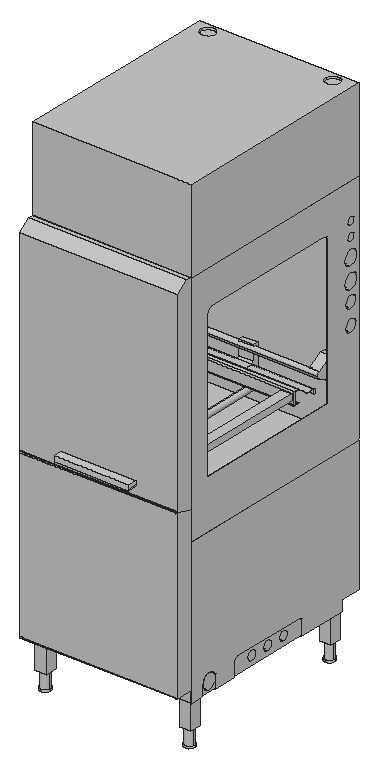
Revit family "QF_ELECTROLUXPROFESSIONAL_535130_NMPWDRE5M", category Specialty Equipment, Revit 2018
Family settings
  Round Connector Dimension = Use Diameter
  Part Type = Normal
  Work Plane-Based = No
  Always vertical = Yes
  Cut with Voids When Loaded = No
  Shared = No
  Room Calculation Point = No
Parameters (values of type "NMPWDRE5")
  Weight = 104.00 kg
  Watts = 0 W
  Volts = 0 V
  URL Manufacturer = ""
  URL = "http://professional.electrolux.com"
  Steam Supply Size = 0 mm
  Steam Supply Minimum Pressure = 0.0 Pa
  Steam Supply Maximum Pressure = 0.0 Pa
  Steam Pounds per Hour = 0
  Show Logo [instance] = yes
  Refrigeration Suction Line Size = 0 mm
  Refrigeration Liquid Line Size = 0 mm
  Refrigerant Compressor Remote = yes
  R_L [instance] = not(L_R)  # no
  Manufacturer = "Electrolux"
  Phase = 0
  Model = "ESR10E5"
  Length Actual = 560 mm  # constant formula
  Show Clearance [instance] = yes
  L_R [instance] = yes
  Item Number = ""
  Hot Water Size = 0 mm
  Height Actual = 1785 mm  # constant formula
  HP = "9.9 HP"
  Gas Size = 0 mm
  Gas KW = 0
  Gas Input Pressure = 0 W
  Direct Waste Size = 50 mm
  Description = "SINGLE RINSE RT, 100R/H, ELECTRIC 50HZ"
  Depth Actual = 825 mm  # constant formula
  DRAIN [instance] = if(L_R, 0 mm, 638 mm)  # 0 mm
  Cycle = 0 Hz
  Condensate Return Size = 0 mm
  Compressed Air Volume = 0.0 L/s
  Compressed Air Size = 0 mm
  Compressed Air Pressure = 0.0 Pa
  Cold Water Size = 0 mm
  Accessory = yes
Types (2, lengths in mm): name | Volts | URL Manufacturer | URL | Manufacturer | Phase | Model | Item Number | Hot Water Size | Description | Cycle | Cold Water Size
  NMPWDRE5 | 0 V | "" | "http://professional.electrolux.com" | "Electrolux" | 0 | "ESR10E5" | "" | 0 | "SINGLE RINSE RT, 100R/H, ELECTRIC 50HZ" | 0 Hz | 0
  Standard | 400 V | "http://professional.electrolux.com/" | "http://professional.electrolux.com/" | "Electrolux Professional" | 3 | "NMPWDRE5M" | "535130" | 19.05 | "MEDIUM PRE-WASH MODULE, DUAL RINSE RT, ELECTRIC, 400V/ 3/ 50Hz-MARINE" | 50 Hz | 19.05
Reference planes
  plane 1 "Center X": y = -16.742
  plane 2: z = 0
  plane 3 "1": x = -383.563
  plane 4 "2": x = 176.437
  plane 5 "BACK": y = 388.258
  plane 6 "FEET": z = 150
  plane 7: z = 2095
  plane 8 "BASE": z = 187
  plane 9 "TOP": z = 1785
  plane 10 "FRONT": y = -408.742
  plane 11: y = 311.258
  plane 12 "LEFT": x = -423.563
  plane 13 "RIGHT": x = 216.437
  plane 14 "DRAIN": x = -423.563
Forms (mm)
  Extrusion 1, solid, material "QF_Finishes_Stainless Steel"
    sketch origin (176.437, 479.936, 4000) x (0, 1, 0) y (0, 0, 1)
      loop
        line (-96.678, -2215) -> (-828.678, -2215) -> (-828.678, -2507) -> (-96.678, -2507) -> (-96.678, -2215)
    from -560 to 0
  Extrusion 2, solid, material "QF_Finishes_Stainless Steel"
    sketch origin (-383.563, 437.565, 4000) x (0, 1, 0) y (0, 0, 1)
      loop
        line (-54.307, -2507) -> (-786.307, -2507) -> (-786.307, -3850) -> (-126.307, -3850) -> (-126.307, -3812) -> (-54.307, -3812) -> (-54.307, -2507)
      loop
        line (-129.307, -2557) -> (-769.307, -2557) -> (-769.307, -3290) -> (-129.307, -3290) -> (-129.307, -2557)
    from 557 to 3
  Extrusion 3, solid, material "QF_Finishes_Stainless Steel"
    sketch origin (-383.563, 437.565, 4000) x (0, 1, 0) y (0, 0, 1)
      loop
        line (-59.307, -3342) -> (-781.307, -3342)
        arc (-781.307, -3342) -> (-784.843, -3343.464) -> (-786.307, -3347) r 5
        line (-786.307, -3347) -> (-786.307, -3850) -> (-741.307, -3850) -> (-741.307, -3813)
        arc (-741.307, -3813) -> (-711.307, -3783) -> (-681.307, -3813) r 30
        line (-681.307, -3813) -> (-681.307, -3850) -> (-602.807, -3850) -> (-602.807, -3803)
        arc (-602.807, -3803) -> (-598.414, -3792.393) -> (-587.807, -3788) r 15
        line (-587.807, -3788) -> (-317.807, -3788)
        arc (-317.807, -3788) -> (-307.201, -3792.393) -> (-302.807, -3803) r 15
        line (-302.807, -3803) -> (-302.807, -3850) -> (-126.307, -3850) -> (-126.307, -3812) -> (-54.307, -3812) -> (-54.307, -3347)
        arc (-54.307, -3347) -> (-55.772, -3343.464) -> (-59.307, -3342) r 5
    from 0 to 3
  Extrusion 4, solid, material "QF_Finishes_Stainless Steel"
    sketch origin (176.437, 479.936, 4000) x (0, 1, 0) y (0, 0, 1)
      loop
        line (-96.678, -2507) -> (-828.678, -2507) -> (-828.678, -3335)
        arc (-828.678, -3335) -> (-827.214, -3338.536) -> (-823.678, -3340) r 5
        line (-823.678, -3340) -> (-101.678, -3340)
        arc (-101.678, -3340) -> (-98.142, -3338.536) -> (-96.678, -3335) r 5
        line (-96.678, -3335) -> (-96.678, -2507)
      loop
        line (-248.879, -2635) -> (-744.477, -2635)
        arc (-744.477, -2635) -> (-756.64, -2640.038) -> (-761.678, -2652.201) r 17.201
        line (-761.678, -2652.201) -> (-761.678, -3167.258) -> (-231.678, -3167.258) -> (-231.678, -2652.201)
        arc (-231.678, -2652.201) -> (-236.716, -2640.038) -> (-248.879, -2635) r 17.201
    from -3 to 0
  Extrusion 5, solid, material "QF_Finishes_Stainless Steel"
    sketch origin (176.437, 479.936, 4000) x (0, 1, 0) y (0, 0, 1)
      loop
        line (-101.678, -3342) -> (-823.678, -3342)
        arc (-823.678, -3342) -> (-827.214, -3343.464) -> (-828.678, -3347) r 5
        line (-828.678, -3347) -> (-828.678, -3850) -> (-783.678, -3850) -> (-783.678, -3813)
        arc (-783.678, -3813) -> (-753.678, -3783) -> (-723.678, -3813) r 30
        line (-723.678, -3813) -> (-723.678, -3850) -> (-645.178, -3850) -> (-645.178, -3803)
        arc (-645.178, -3803) -> (-640.785, -3792.393) -> (-630.178, -3788) r 15
        line (-630.178, -3788) -> (-360.178, -3788)
        arc (-360.178, -3788) -> (-349.571, -3792.393) -> (-345.178, -3803) r 15
        line (-345.178, -3803) -> (-345.178, -3850) -> (-168.678, -3850) -> (-168.678, -3812) -> (-96.678, -3812) -> (-96.678, -3347)
        arc (-96.678, -3347) -> (-98.142, -3343.464) -> (-101.678, -3342) r 5
    from -3 to 0
  Extrusion 6, void
    sketch origin (0, 0, 1785) x (1, 0, 0) y (0, -1, 0)
      loop
        circle (-323.563, -347.258) r 25
    from 0 to 5
  Extrusion 7, solid, material "QF_Finishes_Stainless Steel"
    sketch origin (-383.563, 437.565, 4000) x (0, 1, 0) y (0, 0, 1)
      loop
        circle (-89.376, -2635.001) r 12
      loop
        circle (-89.376, -2685.001) r 12
      loop
        circle (-89.376, -2750.001) r 25
      loop
        circle (-89.376, -2825.001) r 25
      loop
        circle (-89.376, -2890.001) r 20
      loop
        circle (-89.376, -2965.001) r 20
    from 0 to 3
  Extrusion 8, void
    sketch origin (-383.563, 437.565, 4000) x (0, 1, 0) y (0, 0, 1)
      loop
        circle (-89.376, -2635.001) r 14
      loop
        circle (-89.376, -2685.001) r 14
      loop
        circle (-89.376, -2750.001) r 27
      loop
        circle (-89.376, -2825.001) r 27
      loop
        circle (-89.376, -2890.001) r 22
      loop
        circle (-89.376, -2965.001) r 22
    from 0 to 3
  Extrusion 9, solid, material "QF_Finishes_Stainless Steel"
    sketch origin (-383.563, 437.565, 4000) x (0, 1, 0) y (0, 0, 1)
      loop
        circle (-454.307, -3813) r 15
      loop
        circle (-524.307, -3813) r 15
      loop
        circle (-384.307, -3813) r 15
    from 0 to 3
  Extrusion 10, solid, material "QF_Finishes_Stainless Steel"
    sketch origin (-383.563, 437.565, 4000) x (0, 1, 0) y (0, 0, 1)
      loop
        circle (-711.307, -3813) r 25
    from 0 to 3
  Extrusion 11, solid, material "QF_Finishes_Stainless Steel"
    sketch origin (176.437, 479.936, 4000) x (0, 1, 0) y (0, 0, 1)
      loop
        circle (-496.678, -3813) r 15
      loop
        circle (-566.678, -3813) r 15
      loop
        circle (-426.678, -3813) r 15
    from 0 to -3
  Extrusion 12, solid, material "QF_Finishes_Stainless Steel"
    sketch origin (176.437, 479.936, 4000) x (0, 1, 0) y (0, 0, 1)
      loop
        circle (-753.678, -3813) r 25
    from 0 to -3
  Extrusion 13, solid, material "QF_Finishes_Stainless Steel"
    sketch origin (-383.563, 437.565, 4000) x (0, 1, 0) y (0, 0, 1)
      loop
        line (-54.307, -2507) -> (-786.307, -2507) -> (-786.307, -3335)
        arc (-786.307, -3335) -> (-784.843, -3338.536) -> (-781.307, -3340) r 5
        line (-781.307, -3340) -> (-59.307, -3340)
        arc (-59.307, -3340) -> (-55.772, -3338.536) -> (-54.307, -3335) r 5
        line (-54.307, -3335) -> (-54.307, -2507)
      loop
        line (-206.509, -2635) -> (-702.106, -2635)
        arc (-702.106, -2635) -> (-714.269, -2640.038) -> (-719.307, -2652.201) r 17.201
        line (-719.307, -2652.201) -> (-719.307, -3167.258) -> (-189.307, -3167.258) -> (-189.307, -2652.201)
        arc (-189.307, -2652.201) -> (-194.345, -2640.038) -> (-206.509, -2635) r 17.201
    from 3 to 0
  Extrusion 14, void
    sketch origin (176.437, 479.936, 4000) x (0, -1, 0) y (0, 0, 1)
      loop
        circle (131.746, -2635.001) r 14
      loop
        circle (131.746, -2685.001) r 14
      loop
        circle (131.746, -2750.001) r 27
      loop
        circle (131.746, -2825.001) r 27
      loop
        circle (131.746, -2890.001) r 22
      loop
        circle (131.746, -2965.001) r 22
    from 0 to 2
  Extrusion 15, solid, material "QF_Finishes_Stainless Steel"
    sketch origin (176.437, 479.936, 4000) x (0, 1, 0) y (0, 0, 1)
      loop
        circle (-131.746, -2635.001) r 12
      loop
        circle (-131.746, -2685.001) r 12
      loop
        circle (-131.746, -2750.001) r 25
      loop
        circle (-131.746, -2825.001) r 25
      loop
        circle (-131.746, -2890.001) r 20
      loop
        circle (-131.746, -2965.001) r 20
    from 0 to -2
  Extrusion 16, solid, material "QF_Finishes_Stainless Steel", visible <- "L_R"
    sketch origin (-383.563, 437.565, 4000) x (0, 1, 0) y (0, 0, 1)
      loop
        circle (-711.307, -3813) r 25
    from 0 to -38
  Extrusion 17, solid, material "QF_Finishes_Stainless Steel", visible <- "R_L"
    sketch origin (176.437, 479.936, 4000) x (0, 1, 0) y (0, 0, 1)
      loop
        circle (-753.678, -3813) r 25
    from 0 to 38
  Extrusion 18, solid, material "QF_Finishes_Stainless Steel"
    sketch origin (-423.563, 0, 0) x (0, 1, 0) y (0, 0, 1)
      loop
        circle (-273.742, 187) r 25
    from 0 to 2
  Extrusion 19, void
    sketch origin (0, 0, 1785) x (1, 0, 0) y (0, -1, 0)
      loop
        circle (114.437, -347.258) r 25
    from 0 to 5
  Extrusion 20, solid, material "QF_Clearance", detail levels coarse
    sketch origin (556.437, -74.242, 0) x (1, 0, 0) y (0, 1, 0)
      loop
        line (-940, 462.5) -> (-380, 462.5) -> (-380, 512.5) -> (-940, 512.5) -> (-940, 462.5)
    from -100 to 1785
Cuts and joins
  Extrusion 6, Extrusion 19 cuts Extrusion 1
  Extrusion 6, Extrusion 14, Extrusion 19 cuts Extrusion 2
  Extrusion 8, Extrusion 14 cuts Extrusion 13
  Extrusion 14 cuts Extrusion 7
  Extrusion 14 cuts Extrusion 4
Lines and regions (mm)
  symbolic lines
    curve 1: line (-383.563, 383.258, 0) -> (176.437, 383.258, 0)
    curve 2: line (-383.563, -348.742, 0) -> (-383.563, 383.258, 0)
    curve 3: line (176.437, -348.742, 0) -> (-383.563, -348.742, 0)
    curve 4: line (176.437, 383.258, 0) -> (176.437, -348.742, 0)
    curve 7: circle (-323.563, 347.258, 0) r 25 normal (0, 0, 1)
    curve 8: line (-383.563, 383.258, 0) -> (176.437, -348.742, 0)
    curve 15: line (-383.563, -16.742, 0) -> (-358.563, -16.742, 0)
    curve 16: line (176.437, -16.742, 0) -> (151.437, -16.742, 0)
    curve 17: circle (114.437, 347.258, 0) r 25 normal (0, 0, -1)
  symbolic lines, style "SpecialityEquipment"
    curve 5: line (176.437, -281.742, 0) -> (-383.563, -281.742, 0)
    curve 6: line (-383.563, 308.258, 0) -> (176.437, 308.258, 0)
  symbolic lines, style "SpecialityEquipmentHiddenLines", visible <- "L_R"
    curve 9: line (-423.563, -248.742, 0) -> (-423.563, -298.742, 0)
    curve 10: line (-423.563, -248.742, 0) -> (-383.563, -248.742, 0)
    curve 11: line (-423.563, -298.742, 0) -> (-383.563, -298.742, 0)
  symbolic lines, style "SpecialityEquipmentHiddenLines", visible <- "R_L"
    curve 12: line (216.437, -298.742, 0) -> (216.437, -248.742, 0)
    curve 13: line (216.437, -248.742, 0) -> (176.437, -248.742, 0)
    curve 14: line (216.437, -298.742, 0) -> (176.437, -298.742, 0)
  symbolic lines, style "QF_Clearances"
    curve 18: line (-383.563, 438.258, 0) -> (176.437, 438.258, 0)
Dimensions and locks
  plane 3 "1" to plane 4 "2" = 560 mm
  plane 5 "BACK" to plane 1 "Center X" to plane 10 "FRONT" = 405 mm, 392 mm
  plane 6 "FEET" to level = 150 mm
  Extrusion 3 to plane 3 "1" = 3 mm
  plane 4 "2" to Extrusion 5 = 3 mm
  plane 6 "FEET" to plane 9 "TOP" = 1635 mm
  plane 5 "BACK" to plane 10 "FRONT" = 797 mm  (x2)
  plane 3 "1" to Extrusion 6 sketch curve = 60 mm
  plane 5 "BACK" to Extrusion 6 sketch curve = 41 mm
  plane 4 "2" to plane 3 "1" = 560 mm
  nested 1 to nested 4 to nested 4 to nested 4 = 732 mm, 60 mm, 30 mm
  "DRAIN": plane 12 "LEFT" to plane 14 "DRAIN"
  aligned and locked: level to plane 2
Automatic sketch dimensions
  plane 9 "TOP" to Extrusion 1 sketch curve = 0 mm
  plane 10 "FRONT" to Extrusion 1 sketch curve = 60 mm
  Extrusion 1 sketch curve to plane 5 "BACK" = 5 mm
  Extrusion 1 sketch curve to Extrusion 1 sketch curve = 292 mm
  Extrusion 2 sketch curve to plane 6 "FEET" = 0 mm
  Extrusion 2 sketch curve to plane 11 = 0 mm
  plane 11 to Extrusion 2 sketch curve = 3 mm
  plane 10 "FRONT" to Extrusion 2 sketch curve = 77 mm
  Extrusion 2 sketch curve to Extrusion 2 sketch curve = 17 mm
  plane 8 "BASE" to Extrusion 2 sketch curve = 1 mm
  Extrusion 2 sketch curve to plane 5 "BACK" = 5 mm
  Extrusion 2 sketch curve to Extrusion 2 sketch curve = 522 mm
  plane 9 "TOP" to Extrusion 2 sketch curve = 342 mm
  Extrusion 2 sketch curve to Extrusion 2 sketch curve = 50 mm
  Extrusion 3 sketch curve to plane 6 "FEET" = 0 mm  (x3)
  Extrusion 3 sketch curve to plane 8 "BASE" = 0 mm
  Extrusion 3 sketch curve to plane 11 = 0 mm
  plane 8 "BASE" to Extrusion 3 sketch curve = 10 mm  (x2)
  Extrusion 3 sketch curve to plane 1 "Center X" = 151.5 mm
  Extrusion 3 sketch curve to Extrusion 3 sketch curve = 15 mm
  plane 1 "Center X" to Extrusion 3 sketch curve = 133.5 mm
  Extrusion 3 sketch curve to Extrusion 3 sketch curve = 78.5 mm
  Extrusion 3 sketch curve to Extrusion 3 sketch curve = 30 mm
  plane 10 "FRONT" to Extrusion 3 sketch curve = 65 mm
  Extrusion 3 sketch curve to Extrusion 3 sketch curve = 5 mm
  Extrusion 3 sketch curve to plane 5 "BACK" = 10 mm
  Extrusion 3 sketch curve to plane 5 "BACK" = 5 mm
  plane 8 "BASE" to Extrusion 3 sketch curve = 1 mm
  Extrusion 3 sketch curve to Extrusion 3 sketch curve = 465 mm
  plane 10 "FRONT" to Extrusion 4 sketch curve = 60 mm
  Extrusion 4 sketch curve to Extrusion 4 sketch curve = 5 mm
  plane 10 "FRONT" to Extrusion 4 sketch curve = 127 mm
  Extrusion 4 sketch curve to Extrusion 4 sketch curve = 17.201 mm  (x2)
  plane 11 to Extrusion 4 sketch curve = 80.201 mm
  plane 11 to Extrusion 4 sketch curve = 63 mm
  Extrusion 4 sketch curve to plane 5 "BACK" = 10 mm
  Extrusion 4 sketch curve to plane 5 "BACK" = 5 mm
  plane 8 "BASE" to Extrusion 4 sketch curve = 473 mm
  Extrusion 4 sketch curve to Extrusion 4 sketch curve = 167.742 mm
  plane 9 "TOP" to Extrusion 4 sketch curve = 437.201 mm
  Extrusion 4 sketch curve to Extrusion 4 sketch curve = 0 mm
  Extrusion 4 sketch curve to Extrusion 4 sketch curve = 145.201 mm
  Extrusion 5 sketch curve to plane 6 "FEET" = 0 mm  (x3)
  Extrusion 5 sketch curve to plane 8 "BASE" = 0 mm
  Extrusion 5 sketch curve to plane 11 = 0 mm
  plane 8 "BASE" to Extrusion 5 sketch curve = 10 mm  (x2)
  Extrusion 5 sketch curve to plane 1 "Center X" = 151.5 mm
  Extrusion 5 sketch curve to Extrusion 5 sketch curve = 15 mm
  plane 1 "Center X" to Extrusion 5 sketch curve = 133.5 mm
  Extrusion 5 sketch curve to Extrusion 5 sketch curve = 78.5 mm
  Extrusion 5 sketch curve to Extrusion 5 sketch curve = 30 mm
  plane 10 "FRONT" to Extrusion 5 sketch curve = 65 mm
  Extrusion 5 sketch curve to Extrusion 5 sketch curve = 5 mm
  Extrusion 5 sketch curve to plane 5 "BACK" = 10 mm
  Extrusion 5 sketch curve to plane 5 "BACK" = 5 mm
  plane 8 "BASE" to Extrusion 5 sketch curve = 1 mm
  Extrusion 5 sketch curve to Extrusion 5 sketch curve = 465 mm
  Extrusion 7 sketch curve to plane 11 = 36.932 mm  (x6)
  plane 9 "TOP" to Extrusion 7 sketch curve = 750.001 mm
  Extrusion 7 sketch curve to Extrusion 7 sketch curve = 75 mm  (x2)
  Extrusion 7 sketch curve to Extrusion 7 sketch curve = 65 mm  (x2)
  Extrusion 7 sketch curve to Extrusion 7 sketch curve = 50 mm
  Extrusion 8 sketch curve to plane 11 = 36.932 mm  (x6)
  plane 9 "TOP" to Extrusion 8 sketch curve = 750.001 mm
  Extrusion 8 sketch curve to Extrusion 8 sketch curve = 75 mm  (x2)
  Extrusion 8 sketch curve to Extrusion 8 sketch curve = 65 mm  (x2)
  Extrusion 8 sketch curve to Extrusion 8 sketch curve = 50 mm
  Extrusion 9 sketch curve to plane 8 "BASE" = 0 mm  (x3)
  Extrusion 9 sketch curve to plane 1 "Center X" = 0 mm
  Extrusion 9 sketch curve to Extrusion 9 sketch curve = 70 mm
  Extrusion 9 sketch curve to plane 1 "Center X" = 70 mm
  Extrusion 10 sketch curve to plane 8 "BASE" = 0 mm
  plane 10 "FRONT" to Extrusion 10 sketch curve = 135 mm
  Extrusion 11 sketch curve to plane 8 "BASE" = 0 mm  (x3)
  Extrusion 11 sketch curve to plane 1 "Center X" = 0 mm
  Extrusion 11 sketch curve to Extrusion 11 sketch curve = 70 mm
  Extrusion 11 sketch curve to plane 1 "Center X" = 70 mm
  Extrusion 12 sketch curve to plane 8 "BASE" = 0 mm
  plane 10 "FRONT" to Extrusion 12 sketch curve = 135 mm
  plane 10 "FRONT" to Extrusion 13 sketch curve = 60 mm
  Extrusion 13 sketch curve to Extrusion 13 sketch curve = 5 mm
  plane 10 "FRONT" to Extrusion 13 sketch curve = 127 mm
  Extrusion 13 sketch curve to Extrusion 13 sketch curve = 17.201 mm  (x2)
  plane 11 to Extrusion 13 sketch curve = 80.201 mm
  plane 11 to Extrusion 13 sketch curve = 63 mm
  Extrusion 13 sketch curve to plane 5 "BACK" = 10 mm
  Extrusion 13 sketch curve to plane 5 "BACK" = 5 mm
  plane 8 "BASE" to Extrusion 13 sketch curve = 473 mm
  Extrusion 13 sketch curve to Extrusion 13 sketch curve = 167.742 mm
  plane 9 "TOP" to Extrusion 13 sketch curve = 437.201 mm
  Extrusion 13 sketch curve to Extrusion 13 sketch curve = 0 mm
  Extrusion 13 sketch curve to Extrusion 13 sketch curve = 145.201 mm
  Extrusion 14 sketch curve to plane 11 = 36.932 mm  (x6)
  plane 9 "TOP" to Extrusion 14 sketch curve = 750.001 mm
  Extrusion 14 sketch curve to Extrusion 14 sketch curve = 75 mm  (x2)
  Extrusion 14 sketch curve to Extrusion 14 sketch curve = 65 mm  (x2)
  Extrusion 14 sketch curve to Extrusion 14 sketch curve = 50 mm
  Extrusion 15 sketch curve to plane 11 = 36.932 mm  (x6)
  plane 9 "TOP" to Extrusion 15 sketch curve = 750.001 mm
  Extrusion 15 sketch curve to Extrusion 15 sketch curve = 75 mm  (x2)
  Extrusion 15 sketch curve to Extrusion 15 sketch curve = 65 mm  (x2)
  Extrusion 15 sketch curve to Extrusion 15 sketch curve = 50 mm
  Extrusion 16 sketch curve to plane 8 "BASE" = 0 mm
  plane 10 "FRONT" to Extrusion 16 sketch curve = 135 mm
  Extrusion 17 sketch curve to plane 8 "BASE" = 0 mm
  plane 10 "FRONT" to Extrusion 17 sketch curve = 135 mm
  Extrusion 18 sketch curve to plane 8 "BASE" = 0 mm
  plane 10 "FRONT" to Extrusion 18 sketch curve = 135 mm
  Extrusion 19 sketch curve to plane 4 "2" = 62 mm
  Extrusion 19 sketch curve to plane 11 = 36 mm
  Extrusion 20 sketch curve to plane 3 "1" = 0 mm
  plane 5 "BACK" to Extrusion 20 sketch curve = 50 mm
  Extrusion 20 sketch curve to plane 13 "RIGHT" = 40 mm
  plane 5 "BACK" to Extrusion 20 sketch curve = 0 mm
  curve 10 to plane 12 "LEFT" = 0 mm
  curve 15 to plane 3 "1" = 0 mm
  curve 18 to plane 3 "1" = 0 mm
  plane 1 "Center X" to curve 16 = 0 mm
  curve 4 to plane 4 "2" = 0 mm
  curve 18 to plane 4 "2" = 0 mm
  curve 12 to plane 13 "RIGHT" = 0 mm
  plane 3 "1" to curve 7 = 60 mm
  curve 17 to plane 4 "2" = 62 mm
  plane 10 "FRONT" to curve 12 = 160 mm
  plane 10 "FRONT" to curve 10 = 160 mm
  curve 12 to curve 12 = 50 mm
  curve 11 to curve 9 = 50 mm
  curve 4 to curve 14 = 50 mm
  curve 17 to plane 11 = 36 mm
  curve 7 to plane 11 = 36 mm
  curve 4 to plane 5 "BACK" = 5 mm
  curve 15 to plane 1 "Center X" = 0 mm
  curve 15 to curve 15 = 25 mm
  curve 16 to curve 16 = 25 mm
  curve 11 to curve 5 = 17 mm
  plane 11 to curve 6 = 3 mm
  plane 5 "BACK" to curve 18 = 50 mm
  radius of Extrusion 7 sketch curve = 12 mm  (x2)
  radius of Extrusion 7 sketch curve = 25 mm  (x2)
  radius of Extrusion 7 sketch curve = 20 mm  (x2)
  radius of Extrusion 8 sketch curve = 14 mm  (x2)
  radius of Extrusion 8 sketch curve = 27 mm  (x2)
  radius of Extrusion 8 sketch curve = 22 mm  (x2)
  radius of Extrusion 9 sketch curve = 15 mm  (x3)
  radius of Extrusion 10 sketch curve = 25 mm
  radius of Extrusion 11 sketch curve = 15 mm  (x3)
  radius of Extrusion 12 sketch curve = 25 mm
  radius of Extrusion 14 sketch curve = 14 mm  (x2)
  radius of Extrusion 14 sketch curve = 27 mm  (x2)
  radius of Extrusion 14 sketch curve = 22 mm  (x2)
  radius of Extrusion 15 sketch curve = 12 mm  (x2)
  radius of Extrusion 15 sketch curve = 25 mm  (x2)
  radius of Extrusion 15 sketch curve = 20 mm  (x2)
  radius of Extrusion 16 sketch curve = 25 mm
  radius of Extrusion 17 sketch curve = 25 mm
  radius of Extrusion 18 sketch curve = 25 mm
  radius of Extrusion 6 sketch curve = 25 mm
  radius of Extrusion 19 sketch curve = 25 mm
  radius of curve 7 = 25 mm
  radius of curve 17 = 25 mm
Nested families
  nested 1: "Basket_Guide+Wash_Arm_22''" at (-513, 0, 0), type "Basket_Guide+Wash_Arm_22''"
  nested 2: "Foot_40x40_H150" at (-357.563, -326.742, 0) x (-1, 0, 0) z (0, 0, 1), type "Foot_40x40_H150"
  nested 3: "Foot_40x40_H150" at (-357.563, 289.258, 0) x (-1, 0, 0) z (0, 0, 1), type "Foot_40x40_H150"
  nested 4: "Door_22''" at (-454, 0, 0), Show Clearance <- "Show Clearance", type "Door_22''"
  nested 5: "Foot_40x40_H150" at (150.437, -326.742, 0), type "Foot_40x40_H150"
  nested 6: "Foot_40x40_H150" at (150.437, 289.258, 0), type "Foot_40x40_H150"
Connectors
  piping at (-423.563, -273.742, 187), diameter 50
    settings: on Extrusion 18, index 1, connector inside diameter 609.6 mm, connector length 0 mm, flow factor 0, pipe flow 0.0 L/s, pressure drop 0.0 Pa, fitting loss kfactor 0, connector angle 0.00°, fixture units 0, engagement length 0 mm, angle of deflection 0.00°, flow configuration 0, flow direction 2, fitting loss method 0, system type 16, joint type 0, gender type 0, connector reference index -1, connector utility 0, adjustable connector no, is connector primary yes, connector description "DRAIN"
Definition of nested family "Basket_Guide+Wash_Arm_22''"
  Reference planes
    plane 1: z = 0
    plane 2 "Center Y": x = 409.437
    plane 3 "LEFT": x = 130.437
    plane 4 "BACK": y = 383.258
    plane 5 "FRONT": y = -408.742
    plane 6: z = 150
    plane 7 "TOP": z = 1785
    plane 8: z = 875
    plane 9 "RIGHT": x = 688.437
  Forms (mm)
    Extrusion 1, solid
      sketch origin (243.437, -18.984, 0) x (0, -1, 0) y (0, 0, 1)
        loop
          line (264.703, 929.245) -> (264.703, 907.554) -> (312.758, 879.81) -> (312.758, 956.99) -> (264.703, 929.245)
        loop
          line (-259.187, 929.245) -> (-307.242, 956.99) -> (-327.242, 956.99) -> (-327.242, 879.81) -> (-307.242, 879.81) -> (-259.187, 907.554) -> (-259.187, 929.245)
      from -424 to -388
    Extrusion 2, solid
      sketch origin (293.437, -18.984, 0) x (0, -1, 0) y (0, 0, 1)
        loop
          circle (264.703, 918.4) r 10
        loop
          circle (-259.187, 918.4) r 10
      from -374 to 142
    Extrusion 3, solid
      sketch origin (293.437, -18.984, 0) x (0, -1, 0) y (0, 0, 1)
        loop
          line (-252.564, 858) -> (-252.564, 870.68)
          arc (-252.564, 870.68) -> (-251.884, 872.32) -> (-250.244, 873) r 2.32
          line (-250.244, 873) -> (-222.564, 873) -> (-222.564, 875) -> (-250.244, 875)
          arc (-250.244, 875) -> (-253.299, 873.735) -> (-254.564, 870.68) r 4.32
          line (-254.564, 870.68) -> (-254.564, 858) -> (-252.564, 858)
        loop
          line (258.08, 858) -> (260.08, 858) -> (260.08, 870.68)
          arc (260.08, 870.68) -> (258.815, 873.735) -> (255.76, 875) r 4.32
          line (255.76, 875) -> (228.08, 875) -> (228.08, 873) -> (255.76, 873)
          arc (255.76, 873) -> (257.401, 872.32) -> (258.08, 870.68) r 2.32
          line (258.08, 870.68) -> (258.08, 858)
      from -360 to 128
    Extrusion 4, solid
      sketch origin (293.437, -18.984, 0) x (0, -1, 0) y (0, 0, 1)
        loop
          arc (-216.187, 825.32) -> (-216.866, 823.679) -> (-218.507, 823) r 2.32
          line (-218.507, 823) -> (-236.187, 823) -> (-236.187, 821) -> (-218.507, 821)
          arc (-218.507, 821) -> (-215.452, 822.265) -> (-214.187, 825.32) r 4.32
          line (-214.187, 825.32) -> (-214.187, 861.68)
          arc (-214.187, 861.68) -> (-215.452, 864.735) -> (-218.507, 866) r 4.32
          line (-218.507, 866) -> (-236.187, 866) -> (-236.187, 864) -> (-218.507, 864)
          arc (-218.507, 864) -> (-216.866, 863.32) -> (-216.187, 861.68) r 2.32
          line (-216.187, 861.68) -> (-216.187, 825.32)
        loop
          line (221.703, 825.32) -> (221.703, 861.68)
          arc (221.703, 861.68) -> (222.383, 863.32) -> (224.023, 864) r 2.32
          line (224.023, 864) -> (241.703, 864) -> (241.703, 866) -> (224.023, 866)
          arc (224.023, 866) -> (220.969, 864.735) -> (219.703, 861.68) r 4.32
          line (219.703, 861.68) -> (219.703, 825.32)
          arc (219.703, 825.32) -> (220.969, 822.265) -> (224.023, 821) r 4.32
          line (224.023, 821) -> (241.703, 821) -> (241.703, 823) -> (224.023, 823)
          arc (224.023, 823) -> (222.383, 823.679) -> (221.703, 825.32) r 2.32
      from -320 to 88
    Extrusion 5, solid
      sketch origin (575.437, -18.984, 0) x (0, -1, 0) y (0, 0, 1)
        loop
          line (264.703, 929.245) -> (264.703, 907.554) -> (312.758, 879.81) -> (312.758, 956.99) -> (264.703, 929.245)
        loop
          line (-259.187, 929.245) -> (-307.242, 956.99) -> (-327.242, 956.99) -> (-327.242, 879.81) -> (-307.242, 879.81) -> (-259.187, 907.554) -> (-259.187, 929.245)
      from 424 to 388
    Extrusion 6, solid
      sketch origin (243.437, -18.984, 0) x (0, -1, 0) y (0, 0, 1)
        loop
          line (219.703, 858) -> (-214.187, 858) -> (-214.187, 836) -> (219.703, 836) -> (219.703, 858)
      from -360 to -325
    Extrusion 7, solid
      sketch origin (575.437, -18.984, 0) x (0, -1, 0) y (0, 0, 1)
        loop
          line (219.703, 858) -> (-214.187, 858) -> (-214.187, 836) -> (219.703, 836) -> (219.703, 858)
      from 360 to 325
    Extrusion 8, solid
      sketch origin (409.437, 308.258, 1443) x (0, 0, 1) y (-1, 0, 0)
        loop
          line (-650.516, 7.5) -> (-663.507, 15) -> (-676.497, 7.5) -> (-676.497, -7.5) -> (-663.507, -15) -> (-650.516, -7.5) -> (-650.516, 7.5)
        loop
          line (-22.01, 7.5) -> (-35, 15) -> (-47.99, 7.5) -> (-47.99, -7.5) -> (-35, -15) -> (-22.01, -7.5) -> (-22.01, 7.5)
      from 0 to 30
    Extrusion 9, solid
      sketch origin (409.437, 278.258, 1443) x (0, 0, 1) y (-1, 0, 0)
        loop
          circle (-663.507, 0) r 10
        loop
          circle (-35, 0) r 10
      from 0 to 537.443
    Extrusion 10, solid
      sketch origin (409.437, -38.984, 0) x (0, -1, 0) y (0, 0, 1)
        loop
          line (244.703, 880.8) -> (236.703, 872.8) -> (221.703, 872.8) -> (221.703, 855.89) -> (201.703, 855.89) -> (201.703, 833.698) -> (238.1, 833.698) -> (209.284, 804.882) -> (200.502, 763.596) -> (201.48, 763.388) -> (210.201, 804.385) -> (262.124, 856.308) -> (262.124, 933.4) -> (244.703, 933.4) -> (244.703, 880.8)
        loop
          line (-279.187, 880.8) -> (-279.187, 933.4) -> (-296.608, 933.4) -> (-296.608, 856.308) -> (-273.998, 833.698) -> (-236.187, 833.698) -> (-236.187, 855.89) -> (-256.187, 855.89) -> (-256.187, 872.8) -> (-271.187, 872.8) -> (-279.187, 880.8)
        loop
          line (220.202, 1443) -> (218.202, 1443) -> (218.202, 1420.7) -> (195.852, 1381.988) -> (197.584, 1380.988) -> (220.202, 1420.164) -> (220.202, 1443)
      from -25 to 25
  Cuts and joins
    joined: Extrusion 1, Extrusion 2, Extrusion 3, Extrusion 4, Extrusion 5, Extrusion 6, Extrusion 7, Extrusion 8, Extrusion 9, Extrusion 10
  Dimensions and locks
    plane 3 "LEFT" to plane 9 "RIGHT" = 558 mm
    equal spacing: plane 3 "LEFT", plane 2 "Center Y", plane 9 "RIGHT", locked at 279 each
    plane 7 "TOP" to plane 6 to level = 1635 mm, 150 mm
    plane 4 "BACK" to plane 5 "FRONT" = 792 mm
    aligned and locked: level to plane 1
  Automatic sketch dimensions
    plane 8 to Extrusion 1 sketch curve = 4.81 mm  (x2)
    Extrusion 1 sketch curve to plane 4 "BACK" = 75 mm
    Extrusion 1 sketch curve to Extrusion 1 sketch curve = 20 mm  (x2)
    Extrusion 1 sketch curve to Extrusion 1 sketch curve = 48.055 mm  (x2)
    plane 8 to Extrusion 1 sketch curve = 32.554 mm  (x2)
    plane 5 "FRONT" to Extrusion 1 sketch curve = 125.055 mm
    Extrusion 1 sketch curve to Extrusion 1 sketch curve = 21.691 mm  (x2)
    Extrusion 1 sketch curve to Extrusion 1 sketch curve = 27.745 mm  (x2)
    plane 8 to Extrusion 2 sketch curve = 43.4 mm  (x2)
    Extrusion 2 sketch curve to plane 4 "BACK" = 143.055 mm
    plane 5 "FRONT" to Extrusion 2 sketch curve = 125.055 mm
    Extrusion 3 sketch curve to Extrusion 3 sketch curve = 0 mm  (x4)
    Extrusion 3 sketch curve to plane 8 = 0 mm  (x2)
    Extrusion 3 sketch curve to plane 8 = 4.32 mm  (x2)
    Extrusion 3 sketch curve to plane 4 "BACK" = 147.678 mm
    Extrusion 3 sketch curve to Extrusion 3 sketch curve = 2 mm  (x2)
    Extrusion 3 sketch curve to Extrusion 3 sketch curve = 27.68 mm  (x2)
    plane 5 "FRONT" to Extrusion 3 sketch curve = 161.678 mm
    Extrusion 3 sketch curve to Extrusion 3 sketch curve = 12.68 mm  (x2)
    Extrusion 4 sketch curve to Extrusion 4 sketch curve = 0 mm  (x9)
    Extrusion 4 sketch curve to plane 8 = 9 mm
    Extrusion 4 sketch curve to plane 4 "BACK" = 166.055 mm
    Extrusion 4 sketch curve to Extrusion 4 sketch curve = 17.68 mm  (x4)
    Extrusion 4 sketch curve to Extrusion 4 sketch curve = 2.32 mm  (x3)
    Extrusion 4 sketch curve to Extrusion 4 sketch curve = 2 mm  (x2)
    Extrusion 4 sketch curve to plane 8 = 49.68 mm
    plane 5 "FRONT" to Extrusion 4 sketch curve = 170.055 mm
    Extrusion 4 sketch curve to Extrusion 4 sketch curve = 43 mm
    Extrusion 4 sketch curve to plane 8 = 13.32 mm
    plane 8 to Extrusion 5 sketch curve = 4.81 mm  (x2)
    Extrusion 5 sketch curve to plane 4 "BACK" = 75 mm
    Extrusion 5 sketch curve to Extrusion 5 sketch curve = 20 mm  (x2)
    Extrusion 5 sketch curve to Extrusion 5 sketch curve = 48.055 mm  (x2)
    plane 8 to Extrusion 5 sketch curve = 32.554 mm  (x2)
    plane 5 "FRONT" to Extrusion 5 sketch curve = 125.055 mm
    Extrusion 5 sketch curve to Extrusion 5 sketch curve = 21.691 mm  (x2)
    Extrusion 5 sketch curve to Extrusion 5 sketch curve = 27.745 mm  (x2)
    Extrusion 6 sketch curve to plane 8 = 17 mm
    Extrusion 6 sketch curve to plane 4 "BACK" = 188.055 mm
    Extrusion 6 sketch curve to plane 8 = 39 mm
    plane 5 "FRONT" to Extrusion 6 sketch curve = 170.055 mm
    Extrusion 7 sketch curve to plane 8 = 17 mm
    Extrusion 7 sketch curve to plane 4 "BACK" = 188.055 mm
    Extrusion 7 sketch curve to plane 8 = 39 mm
    plane 5 "FRONT" to Extrusion 7 sketch curve = 170.055 mm
    Extrusion 8 sketch curve to plane 2 "Center Y" = 7.5 mm  (x4)
    Extrusion 8 sketch curve to plane 8 = 108.497 mm
    Extrusion 8 sketch curve to plane 2 "Center Y" = 15 mm  (x2)
    Extrusion 8 sketch curve to Extrusion 8 sketch curve = 12.99 mm  (x6)
    plane 2 "Center Y" to Extrusion 8 sketch curve = 15 mm  (x2)
    Extrusion 8 sketch curve to plane 7 "TOP" = 389.99 mm
    plane 2 "Center Y" to Extrusion 8 sketch curve = 7.5 mm  (x4)
    plane 8 to Extrusion 10 sketch curve = 58.4 mm
    Extrusion 10 sketch curve to plane 4 "BACK" = 125.634 mm
    Extrusion 10 sketch curve to Extrusion 10 sketch curve = 17.421 mm  (x3)
    plane 8 to Extrusion 10 sketch curve = 5.8 mm  (x2)
    Extrusion 10 sketch curve to plane 8 = 41.302 mm  (x2)
    Extrusion 10 sketch curve to Extrusion 10 sketch curve = 22.61 mm
    Extrusion 10 sketch curve to plane 8 = 2.2 mm  (x2)
    Extrusion 10 sketch curve to Extrusion 10 sketch curve = 8 mm  (x2)
    Extrusion 10 sketch curve to Extrusion 10 sketch curve = 15 mm  (x2)
    Extrusion 10 sketch curve to Extrusion 10 sketch curve = 20 mm  (x2)
    plane 5 "FRONT" to Extrusion 10 sketch curve = 173.907 mm
    Extrusion 10 sketch curve to Extrusion 10 sketch curve = 1.732 mm
    plane 5 "FRONT" to Extrusion 10 sketch curve = 169.257 mm
    Extrusion 10 sketch curve to Extrusion 10 sketch curve = 0.978 mm
    Extrusion 10 sketch curve to plane 8 = 19.11 mm
    Extrusion 10 sketch curve to Extrusion 10 sketch curve = 1.202 mm
    Extrusion 10 sketch curve to plane 8 = 70.118 mm
    Extrusion 10 sketch curve to Extrusion 10 sketch curve = 7.581 mm
    Extrusion 10 sketch curve to plane 8 = 70.615 mm
    Extrusion 10 sketch curve to Extrusion 10 sketch curve = 0.916 mm
    Extrusion 10 sketch curve to Extrusion 10 sketch curve = 22.35 mm
    Extrusion 10 sketch curve to Extrusion 10 sketch curve = 2 mm
    Extrusion 10 sketch curve to Extrusion 10 sketch curve = 16.397 mm
    Extrusion 10 sketch curve to Extrusion 10 sketch curve = 0 mm
    Extrusion 10 sketch curve to Extrusion 10 sketch curve = 16.909 mm
    Extrusion 10 sketch curve to plane 8 = 18.692 mm  (x2)
    Extrusion 10 sketch curve to Extrusion 10 sketch curve = 52.6 mm
    Extrusion 10 sketch curve to plane 7 "TOP" = 404.012 mm
    Extrusion 10 sketch curve to Extrusion 10 sketch curve = 1 mm
    Extrusion 10 sketch curve to Extrusion 10 sketch curve = 22.3 mm
    Extrusion 9 sketch curve to Extrusion 8 = 12.99 mm  (x3)
    Extrusion 9 sketch curve to Extrusion 9 sketch curve = 0 mm
    radius of Extrusion 2 sketch curve = 10 mm  (x2)
    radius of Extrusion 9 sketch curve = 10 mm  (x2)
Definition of nested family "Foot_40x40_H150"
  Reference planes
    plane 1 "Centro (Fronte/Retro)": y = 0
    plane 2: z = 0
    plane 3 "Centro (Sinistra/Destra)": x = 0
    plane 4: z = 150
  Forms (mm)
    Extrusion 1, solid
      sketch origin (0, 0, 0) x (1, 0, 0) y (0, 1, 0)
        loop
          circle (0, 0) r 18
      from 0 to 5
    Extrusion 2, solid
      sketch origin (0, 0, 5) x (1, 0, 0) y (0, 1, 0)
        loop
          circle (0, 0) r 15
      from 0 to 55
    Extrusion 3, solid
      sketch origin (0, 0, 60) x (1, 0, 0) y (0, 1, 0)
        loop
          line (-20, 20) -> (-20, -20) -> (20, -20) -> (20, 20) -> (-20, 20)
      from 0 to 90
  Dimensions and locks
    aligned and locked: level to plane 2
    aligned and locked: plane 4 to Extrusion 3
    aligned and locked: Extrusion 1 to level
Definition of nested family "Door_22''"
  Parameters
    Show Clearance [instance] = yes
  Reference planes
    plane 1: z = 0
    plane 2 "Center Y": x = 350.437
    plane 3 "LEFT": x = 70.437
    plane 4 "RIGHT": x = 630.437
    plane 5 "FRONT": y = -408.742
    plane 6: z = 150
    plane 7: y = -348.742
  Forms (mm)
    Extrusion 1, solid
      sketch origin (853.437, -408.742, 1493) x (0, 0, -1) y (1, 0, 0)
        loop
          line (666, -634) -> (681, -634)
          arc (681, -634) -> (684.536, -632.536) -> (686, -629) r 5
          line (686, -629) -> (686, -377)
          arc (686, -377) -> (684.536, -373.464) -> (681, -372) r 5
          line (681, -372) -> (666, -372) -> (666, -634)
      from 0 to 30
    Extrusion 2, solid
      sketch origin (350.437, 0, 0) x (0, 1, 0) y (0, 0, 1)
        loop
          line (-348.742, 188) -> (-348.742, 758.131) -> (-405.595, 774.035)
          arc (-405.595, 774.035) -> (-407.764, 773.603) -> (-408.742, 771.62) r 2.5
          line (-408.742, 771.62) -> (-408.742, 190.5)
          arc (-408.742, 190.5) -> (-408.01, 188.732) -> (-406.242, 188) r 2.5
          line (-406.242, 188) -> (-348.742, 188)
      from -277 to 277
    Extrusion 3, solid
      sketch origin (350.437, 0, 0) x (0, 1, 0) y (0, 0, 1)
        loop
          line (-351.742, 1493) -> (-368.817, 1493) -> (-408.742, 1463.413) -> (-408.742, 778.225)
          arc (-408.742, 778.225) -> (-408.225, 776.703) -> (-406.889, 775.81) r 2.5
          line (-406.889, 775.81) -> (-354.889, 761.206)
          arc (-354.889, 761.206) -> (-352.72, 761.638) -> (-351.742, 763.621) r 2.5
          line (-351.742, 763.621) -> (-351.742, 1493)
      from -277 to 277
    Extrusion 4, solid, visible <- "Show Clearance", detail levels coarse
      sketch origin (853.437, -408.742, 2095) x (0, 0, -1) y (1, 0, 0)
        loop
          line (666, -634) -> (681, -634)
          arc (681, -634) -> (684.536, -632.536) -> (686, -629) r 5
          line (686, -629) -> (686, -377)
          arc (686, -377) -> (684.536, -373.464) -> (681, -372) r 5
          line (681, -372) -> (666, -372) -> (666, -634)
      from 0 to 30
    Extrusion 5, solid, visible <- "Show Clearance", detail levels coarse
      sketch origin (350.437, 0, 0) x (0, 1, 0) y (0, 0, 1)
        loop
          line (-351.742, 2095) -> (-368.817, 2095) -> (-408.742, 2065.413) -> (-408.742, 1463.413) -> (-368.817, 1493) -> (-351.742, 1493) -> (-351.742, 2095)
      from -277 to 277
  Lines and regions (mm)
    symbolic lines
      curve 1: line (73.437, -408.742, 1785) -> (73.437, -348.742, 1785)
      curve 2: line (627.437, -408.742, 1785) -> (73.437, -408.742, 1785)
      curve 3: line (627.437, -348.742, 1785) -> (627.437, -408.742, 1785)
      curve 4: line (219.437, -438.742, 1785) -> (219.437, -408.742, 1785)
      curve 5: line (481.437, -438.742, 1785) -> (219.437, -438.742, 1785)
      curve 6: line (481.437, -408.742, 1785) -> (481.437, -438.742, 1785)
  Dimensions and locks
    locked: plane 3 "LEFT" to plane 4 "RIGHT" at 560
    plane 6 to level = 150 mm
    equal spacing: plane 3 "LEFT", plane 2 "Center Y", plane 4 "RIGHT", locked at 280 each
    plane 3 "LEFT" to Extrusion 5 = 3 mm
    Extrusion 5 to plane 4 "RIGHT" = 3 mm
    aligned and locked: level to plane 1
    aligned and locked: Extrusion 3 to Extrusion 2
  Automatic sketch dimensions
    Extrusion 1 sketch curve to plane 2 "Center Y" = 131 mm
    plane 6 to Extrusion 1 sketch curve = 677 mm
    Extrusion 1 sketch curve to Extrusion 1 sketch curve = 15 mm  (x2)
    Extrusion 1 sketch curve to Extrusion 1 sketch curve = 5 mm
    plane 2 "Center Y" to Extrusion 1 sketch curve = 126 mm
    Extrusion 2 sketch curve to plane 5 "FRONT" = 0 mm
    Extrusion 2 sketch curve to plane 7 = 0 mm
    plane 5 "FRONT" to Extrusion 2 sketch curve = 2.5 mm
    Extrusion 2 sketch curve to Extrusion 2 sketch curve = 2.5 mm
    Extrusion 2 sketch curve to Extrusion 2 sketch curve = 0.647 mm
    plane 6 to Extrusion 2 sketch curve = 38 mm
    Extrusion 2 sketch curve to Extrusion 2 sketch curve = 570.131 mm
    Extrusion 2 sketch curve to Extrusion 2 sketch curve = 13.489 mm
    Extrusion 4 sketch curve to plane 2 "Center Y" = 131 mm
    plane 6 to Extrusion 4 sketch curve = 1279 mm
    Extrusion 4 sketch curve to Extrusion 4 sketch curve = 15 mm  (x2)
    Extrusion 4 sketch curve to Extrusion 4 sketch curve = 5 mm
    plane 2 "Center Y" to Extrusion 4 sketch curve = 126 mm
    curve 1 to plane 7 = 0 mm
    curve 3 to plane 7 = 0 mm
    curve 2 to plane 5 "FRONT" = 0 mm
    curve 5 to plane 5 "FRONT" = 30 mm
    plane 3 "LEFT" to curve 2 = 3 mm
    curve 5 to plane 2 "Center Y" = 131 mm
    plane 2 "Center Y" to curve 5 = 131 mm
    curve 2 to plane 4 "RIGHT" = 3 mm
    Extrusion 5 sketch curve to plane 5 "FRONT" = 0 mm
    Extrusion 5 sketch curve to plane 7 = 20.076 mm  (x2)
    Extrusion 5 sketch curve to plane 7 = 3 mm
    plane 6 to Extrusion 5 sketch curve = 1313.413 mm
    Extrusion 5 sketch curve to Extrusion 5 sketch curve = 29.587 mm  (x2)
    Extrusion 5 sketch curve to Extrusion 5 sketch curve = 572.413 mm
    Extrusion 3 sketch curve to plane 5 "FRONT" = 0 mm
    plane 5 "FRONT" to Extrusion 3 sketch curve = 1.853 mm
    Extrusion 3 sketch curve to Extrusion 3 sketch curve = 0.647 mm  (x2)
    Extrusion 3 sketch curve to plane 7 = 20.076 mm
    Extrusion 3 sketch curve to plane 7 = 6.147 mm
    Extrusion 3 sketch curve to plane 7 = 3 mm
    plane 6 to Extrusion 3 sketch curve = 611.206 mm
    Extrusion 3 sketch curve to Extrusion 3 sketch curve = 14.603 mm
    Extrusion 3 sketch curve to Extrusion 3 sketch curve = 685.188 mm
    Extrusion 3 sketch curve to Extrusion 3 sketch curve = 29.587 mm
